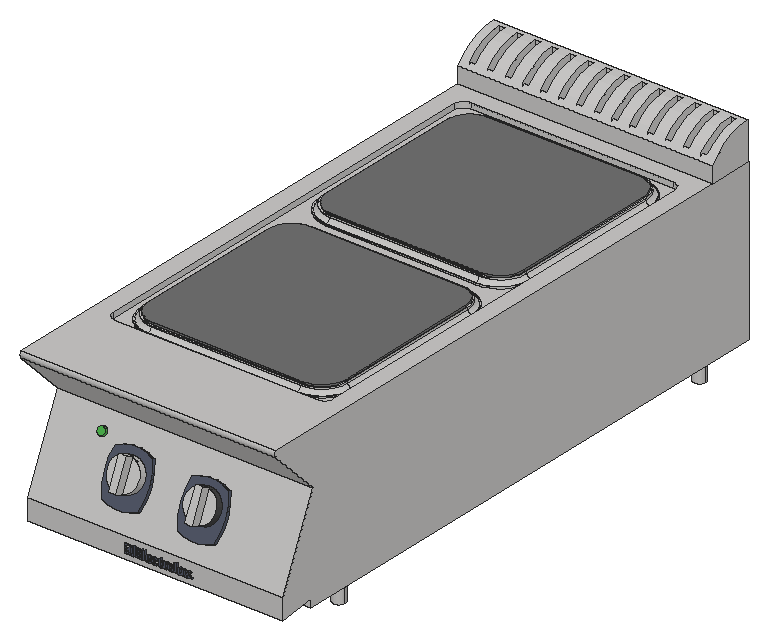
Revit family "QF_ELECTROLUXPROFESSIONAL_391165_E9ECED2Q0N", category Specialty Equipment, Revit 2018
Family settings
  Round Connector Dimension = Use Diameter
  Part Type = Normal
  Work Plane-Based = No
  Always vertical = Yes
  Cut with Voids When Loaded = No
  Shared = No
  Room Calculation Point = No
Parameters
  Width = 400 mm  # constant formula
  Weight in Pounds = 35  # constant formula
  Watts = 8000 VA  # 8000 W
  Volts = 230 V  # constant formula
  URL Cutsheet = "www.electrolux.com/foodservice"
  URL = "www.electrolux.com/foodservice"
  Type Mark [instance] = ""
  Status [instance] = ""
  Specification by User [instance] = ""
  Specification by Manufacturer = ""
  Show Logo [instance] = yes
  Show Clearance [instance] = yes
  Serial Number = ""
  Seismic Rating = ""
  SMACNA No = ""
  Revision Code [instance] = ""
  Phase = 3  # constant formula
  Omniclass Number and Title = ""
  Number of Poles [instance] = 1
  NAFEM Spec ID Number = ""
  Model = "391165"
  Min Ckt Ampacity = 0 A
  Max Overcurrent Protection = 0 A
  Masterspec = ""
  Manufacturer = "ELECTROLUX"
  Item Number [instance] = ""
  Installed By [instance] = ""
  Identify Quantity as Lot [instance] = yes
  Height = 333 mm  # constant formula
  HP = "10.7 HP"
  Furnished By [instance] = ""
  Foodservice Equipment Identifier [instance] = yes
  FL Amps = if(Phase = 3, Watts / (Volts * 1.73), Watts / Volts)  # 20.1056 A
  Electrical Remarks [instance] = "400 V/3N ph/50/60 Hz"  # constant formula
  Electric Connection Type [instance] = ""
  Elec Conn RI Height [instance] = 0 mm
  Elec Conn Connection Height [instance] = 0 mm
  Direct Waste Size = 0"
  Description = "900XP 2 ELECTRIC HOT BOILING TOP PLATES 4kW -230V"
  Depth = 930 mm  # constant formula
  Cycle = if([60 Hertz Option], 60 Hz, 50 Hz)  # 60 Hz
  Conn Plug = ""
  Conn Conduit = yes
  CSI MasterFormat = ""
  CSI Master Format = ""
  Base Height [instance] = 24 mm  # constant formula
  Apparent Power = if(Phase = 3, Volts * FL Amps * 1.73, Volts * FL Amps)  # 8000 VA
  60 Hertz Option = not([50 Hertz Option])  # yes
  50 Hertz Option = no
Reference planes
  plane 1 "BACK": y = 0
  plane 2: z = 0
  plane 3 "LEFT": x = 0
  plane 4 "RIGHT": x = 400
  plane 5 "FRONT": y = -930
  plane 6 "TOP": z = 333
  plane 7 "Center Y": x = 200
  plane 8 "Center X": y = -465
  plane 9 "BASE": z = 24
  plane 10 "TOP A": z = 275
  plane 11: y = -790
  plane 12: y = -915
  plane 13: y = -82
  plane 14: y = -609
  plane 15: y = -583
Forms (mm)
  Extrusion 1, solid, material "QF_Finishes_Stainless Steel"
    sketch origin (0, 0, 0) x (0, 1, 0) y (0, 0, 1)
      loop
        line (0, 275) -> (-928.041, 275)
        arc (-928.041, 275) -> (-929.999, 270.526) -> (-928.201, 265.985) r 6.35
        line (-928.201, 265.985) -> (-856.039, 191.809) -> (-915, 63.041) -> (-915, 30.789) -> (-859.023, 36.7) -> (-859.023, 24) -> (0, 24) -> (0, 275)
    from 0 to 400
  Extrusion 2, void
    sketch origin (0, -198.623, 273.238) x (-1, 0, 0) y (0, -1, 0)
      loop
        arc (-42.5, -101.089) -> (-31.893, -96.696) -> (-27.5, -86.089) r 15
        line (-27.5, -86.089) -> (-27.5, 583.262)
        arc (-27.5, 583.262) -> (-31.893, 593.868) -> (-42.5, 598.262) r 15
        line (-42.5, 598.262) -> (-359.751, 598.262)
        arc (-359.751, 598.262) -> (-370.358, 593.868) -> (-374.751, 583.262) r 15
        line (-374.751, 583.262) -> (-374.751, -86.089)
        arc (-374.751, -86.089) -> (-370.358, -96.696) -> (-359.751, -101.089) r 15
        line (-359.751, -101.089) -> (-42.5, -101.089)
    from 1.763 to -6.35
  Extrusion 3, solid, material "QF_Finishes_Stainless Steel"
    sketch origin (0, -198.623, 0) x (1, 0, 0) y (0, 1, 0)
      loop
        circle (11.112, 116.623) r 9.525
      loop
        circle (388.887, 116.623) r 9.525
      loop
        circle (11.112, -591.377) r 9.525
      loop
        circle (388.888, -591.377) r 9.525
    from 0 to 24
  Extrusion 4, solid, material "QF_Clearances", visible <- "Show Clearance", detail levels coarse
    sketch origin (0, -198.623, 0) x (1, 0, 0) y (0, 1, 0)
      loop
        line (0, -731.377) -> (0, 198.623) -> (400, 198.623) -> (400, -731.377) -> (500.019, -731.377) -> (500.019, 298.642) -> (-100.019, 298.642) -> (-100.019, -731.377) -> (0, -731.377)
    from 0 to 333
  Extrusion 5, solid, material "QF_Finishes_Stainless Steel"
    sketch origin (0, 0, 0) x (0, 1, 0) y (0, 0, 1)
      loop
        line (0, 275) -> (0, 333.762)
        arc (0, 333.762) -> (-38.885, 325.372) -> (-69.85, 300.4) r 86.116
        line (-69.85, 300.4) -> (-69.85, 275) -> (0, 275)
    from 0 to 400
  Extrusion 6, void
    sketch origin (0, 0, 273.237) x (-1, 0, 0) y (0, -1, 0)
      loop
        line (-13.453, 6.761) -> (-13.453, 63.911) -> (-22.749, 63.911) -> (-22.749, 6.761) -> (-13.453, 6.761)
    from 25.4 to 63.5
  Extrusion 7, void
    sketch origin (400.05, 0, 273.237) x (1, 0, 0) y (0, 1, 0)
      loop
        line (-13.503, -6.761) -> (-22.799, -6.761) -> (-22.799, -63.911) -> (-13.503, -63.911) -> (-13.503, -6.761)
    from 25.4 to 63.5
  Extrusion 8, void
    sketch origin (27.988, 0, 273.237) x (-1, 0, 0) y (0, -1, 0)
      loop
        line (-13.453, 6.761) -> (-13.453, 63.911) -> (-22.749, 63.911) -> (-22.749, 6.761) -> (-13.453, 6.761)
    from 25.4 to 63.5
  Extrusion 9, void
    sketch origin (55.977, 0, 273.237) x (-1, 0, 0) y (0, -1, 0)
      loop
        line (-13.453, 6.761) -> (-13.453, 63.911) -> (-22.749, 63.911) -> (-22.749, 6.761) -> (-13.453, 6.761)
    from 25.4 to 63.5
  Extrusion 10, void
    sketch origin (83.965, 0, 273.237) x (-1, 0, 0) y (0, -1, 0)
      loop
        line (-13.428, 6.761) -> (-13.428, 63.911) -> (-22.724, 63.911) -> (-22.724, 6.761) -> (-13.428, 6.761)
    from 25.4 to 63.5
  Extrusion 11, void
    sketch origin (111.953, 0, 273.237) x (-1, 0, 0) y (0, -1, 0)
      loop
        line (-13.428, 6.761) -> (-13.428, 63.911) -> (-22.724, 63.911) -> (-22.724, 6.761) -> (-13.428, 6.761)
    from 25.4 to 63.5
  Extrusion 12, void
    sketch origin (139.942, 0, 273.237) x (-1, 0, 0) y (0, -1, 0)
      loop
        line (-13.428, 6.761) -> (-13.428, 63.911) -> (-22.724, 63.911) -> (-22.724, 6.761) -> (-13.428, 6.761)
    from 25.4 to 63.5
  Extrusion 13, void
    sketch origin (167.93, 0, 273.237) x (-1, 0, 0) y (0, -1, 0)
      loop
        line (-13.428, 6.761) -> (-13.428, 63.911) -> (-22.724, 63.911) -> (-22.724, 6.761) -> (-13.428, 6.761)
    from 25.4 to 63.5
  Extrusion 14, void
    sketch origin (195.918, 0, 273.237) x (-1, 0, 0) y (0, -1, 0)
      loop
        line (-13.428, 6.761) -> (-13.428, 63.911) -> (-22.724, 63.911) -> (-22.724, 6.761) -> (-13.428, 6.761)
    from 25.4 to 63.5
  Extrusion 15, void
    sketch origin (223.907, 0, 273.237) x (-1, 0, 0) y (0, -1, 0)
      loop
        line (-13.428, 6.761) -> (-13.428, 63.911) -> (-22.724, 63.911) -> (-22.724, 6.761) -> (-13.428, 6.761)
    from 25.4 to 63.5
  Extrusion 16, void
    sketch origin (251.895, 0, 273.237) x (-1, 0, 0) y (0, -1, 0)
      loop
        line (-13.428, 6.761) -> (-13.428, 63.911) -> (-22.724, 63.911) -> (-22.724, 6.761) -> (-13.428, 6.761)
    from 25.4 to 63.5
  Extrusion 17, void
    sketch origin (279.884, 0, 273.237) x (-1, 0, 0) y (0, -1, 0)
      loop
        line (-13.403, 6.761) -> (-13.403, 63.911) -> (-22.699, 63.911) -> (-22.699, 6.761) -> (-13.403, 6.761)
    from 25.4 to 63.5
  Extrusion 18, void
    sketch origin (307.872, 0, 273.237) x (-1, 0, 0) y (0, -1, 0)
      loop
        line (-13.403, 6.761) -> (-13.403, 63.911) -> (-22.699, 63.911) -> (-22.699, 6.761) -> (-13.403, 6.761)
    from 25.4 to 63.5
  Extrusion 19, void
    sketch origin (335.86, 0, 273.237) x (-1, 0, 0) y (0, -1, 0)
      loop
        line (-13.403, 6.761) -> (-13.403, 63.911) -> (-22.699, 63.911) -> (-22.699, 6.761) -> (-13.403, 6.761)
    from 25.4 to 63.5
  Extrusion 20, solid, material "QF_Finishes_Stainless Steel"
    sketch origin (0, -198.623, 266.888) x (-1, 0, 0) y (0, -1, 0)
      loop
        arc (-86.725, 266.377) -> (-58.441, 278.092) -> (-46.725, 306.377) r 40
        line (-46.725, 306.377) -> (-46.725, 541.377)
        arc (-46.725, 541.377) -> (-58.441, 569.661) -> (-86.725, 581.377) r 40
        line (-86.725, 581.377) -> (-321.725, 581.377)
        arc (-321.725, 581.377) -> (-350.009, 569.661) -> (-361.725, 541.377) r 40
        line (-361.725, 541.377) -> (-361.725, 306.377)
        arc (-361.725, 306.377) -> (-350.009, 278.092) -> (-321.725, 266.377) r 40
        line (-321.725, 266.377) -> (-86.725, 266.377)
      loop
        line (-86.725, 230.796) -> (-321.725, 230.796)
        arc (-321.725, 230.796) -> (-350.009, 219.08) -> (-361.725, 190.796) r 40
        line (-361.725, 190.796) -> (-361.725, -44.204)
        arc (-361.725, -44.204) -> (-350.009, -72.488) -> (-321.725, -84.204) r 40
        line (-321.725, -84.204) -> (-86.725, -84.204)
        arc (-86.725, -84.204) -> (-58.441, -72.488) -> (-46.725, -44.204) r 40
        line (-46.725, -44.204) -> (-46.725, 190.796)
        arc (-46.725, 190.796) -> (-58.441, 219.08) -> (-86.725, 230.796) r 40
    from 0 to 10
  Sweep 21, solid, material "QF_Finishes_Stainless Steel"
    path origin (0, -198.623, 276.888) x (-1, 0, 0) y (0, -1, 0)
      loop
        line (-46.725, 306.377) -> (-46.725, 541.377)
        arc (-46.725, 541.377) -> (-58.441, 569.661) -> (-86.725, 581.377) r 40
        line (-86.725, 581.377) -> (-321.725, 581.377)
        arc (-321.725, 581.377) -> (-350.009, 569.661) -> (-361.725, 541.377) r 40
        line (-361.725, 541.377) -> (-361.725, 306.377)
        arc (-361.725, 306.377) -> (-350.009, 278.092) -> (-321.725, 266.377) r 40
        line (-321.725, 266.377) -> (-86.725, 266.377)
        arc (-86.725, 266.377) -> (-58.441, 278.092) -> (-46.725, 306.377) r 40
    profile origin (46.725, -622.5, 276.888) x (1, 0, 0) y (0, 0, 1)
      loop
        arc (0, -1.759) -> (-2.638, -5.472) -> (-6.35, -8.109) r 13.651
        line (-6.35, -8.109) -> (-8.064, -8.109) -> (-8.064, -10) -> (0, -10) -> (0, -1.759)
  Sweep 22, solid, material "QF_Finishes_Stainless Steel"
    path origin (0, 151.957, 276.888) x (-1, 0, 0) y (0, -1, 0)
      loop
        line (-46.725, 306.377) -> (-46.725, 541.377)
        arc (-46.725, 541.377) -> (-58.441, 569.661) -> (-86.725, 581.377) r 40
        line (-86.725, 581.377) -> (-321.725, 581.377)
        arc (-321.725, 581.377) -> (-350.009, 569.661) -> (-361.725, 541.377) r 40
        line (-361.725, 541.377) -> (-361.725, 306.377)
        arc (-361.725, 306.377) -> (-350.009, 278.092) -> (-321.725, 266.377) r 40
        line (-321.725, 266.377) -> (-86.725, 266.377)
        arc (-86.725, 266.377) -> (-58.441, 278.092) -> (-46.725, 306.377) r 40
    profile origin (46.725, -271.919, 276.888) x (1, 0, 0) y (0, 0, 1)
      loop
        arc (0, -1.759) -> (-2.638, -5.472) -> (-6.35, -8.109) r 13.651
        line (-6.35, -8.109) -> (-8.064, -8.109) -> (-8.064, -10) -> (0, -10) -> (0, -1.759)
  Extrusion 23, solid, material "QF_Finishes_Rubber Black"
    sketch origin (0, -198.623, 276.888) x (-1, 0, 0) y (0, -1, 0)
      loop
        arc (-49.725, 190.796) -> (-60.562, 216.959) -> (-86.725, 227.796) r 37
        line (-86.725, 227.796) -> (-321.725, 227.796)
        arc (-321.725, 227.796) -> (-347.888, 216.959) -> (-358.725, 190.796) r 37
        line (-358.725, 190.796) -> (-358.725, -44.204)
        arc (-358.725, -44.204) -> (-347.888, -70.367) -> (-321.725, -81.204) r 37
        line (-321.725, -81.204) -> (-86.725, -81.204)
        arc (-86.725, -81.204) -> (-60.562, -70.367) -> (-49.725, -44.204) r 37
        line (-49.725, -44.204) -> (-49.725, 190.796)
      loop
        arc (-86.725, 269.377) -> (-60.562, 280.214) -> (-49.725, 306.377) r 37
        line (-49.725, 306.377) -> (-49.725, 541.377)
        arc (-49.725, 541.377) -> (-60.562, 567.54) -> (-86.725, 578.377) r 37
        line (-86.725, 578.377) -> (-321.725, 578.377)
        arc (-321.725, 578.377) -> (-347.888, 567.54) -> (-358.725, 541.377) r 37
        line (-358.725, 541.377) -> (-358.725, 306.377)
        arc (-358.725, 306.377) -> (-347.888, 280.214) -> (-321.725, 269.377) r 37
        line (-321.725, 269.377) -> (-86.725, 269.377)
    from 0 to 2
  Extrusion 24, solid, material "QF_Finishes_Green"
    sketch origin (0, -915, 63.041) x (0, 0.416318, 0.909219) y (-1, 0, 0)
      loop
        circle (111.946, -80.648) r 6.35
    from 0 to 3.175
  Extrusion 25, solid, material "QF_Finishes_Navy Blue", visible <- "Show Logo"
    sketch origin (0, -915, 31.09) x (0, 0, 1) y (-1, 0, 0)
      loop
        line (22.074, -162.506) -> (9.707, -162.506)
        arc (9.707, -162.506) -> (15.891, -167.078) -> (22.074, -162.506) r 6.467
      loop
        arc (22.074, -161.877) -> (20.905, -156.734) -> (16.249, -154.256) r 6.338
        line (16.249, -154.256) -> (16.249, -156.302)
        arc (16.249, -156.302) -> (17.733, -159.957) -> (21.178, -161.877) r 5.941
        line (21.178, -161.877) -> (22.074, -161.877)
      loop
        arc (10.603, -161.877) -> (14.048, -159.957) -> (15.532, -156.302) r 5.941
        line (15.532, -156.302) -> (15.532, -154.256)
        arc (15.532, -154.256) -> (10.838, -156.73) -> (9.548, -161.877) r 6.504
        line (9.548, -161.877) -> (10.603, -161.877)
      loop
        line (22.749, -153.787) -> (9.004, -153.787) -> (9.004, -167.55) -> (22.749, -167.55) -> (22.749, -153.787)
      loop
        arc (22.832, -170.518) -> (22.485, -170.16) -> (22.118, -170.498) r 0.358
        arc (22.118, -170.498) -> (21.804, -171.248) -> (21.087, -171.633) r 1.216
        line (21.087, -171.633) -> (10.674, -171.633)
        arc (10.674, -171.633) -> (10.014, -171.356) -> (9.618, -170.759) r 1.238
        arc (9.618, -170.759) -> (9.223, -170.508) -> (8.918, -170.862) r 0.358
        line (8.918, -170.862) -> (8.918, -180.741) -> (11.669, -180.741) -> (11.669, -179.844)
        arc (11.669, -179.844) -> (10.76, -179.264) -> (10.304, -178.287) r 1.928
        line (10.304, -178.287) -> (10.304, -175.788)
        arc (10.304, -175.788) -> (10.58, -175.059) -> (11.268, -174.695) r 1.101
        line (11.268, -174.695) -> (15.355, -174.695) -> (15.355, -178.369)
        arc (15.355, -178.369) -> (15.002, -178.866) -> (14.437, -179.094) r 1.083
        arc (14.437, -179.094) -> (14.173, -179.399) -> (14.465, -179.677) r 0.292
        line (14.465, -179.677) -> (17.428, -179.677)
        arc (17.428, -179.677) -> (17.73, -179.404) -> (17.492, -179.074) r 0.305
        arc (17.492, -179.074) -> (17.001, -178.826) -> (16.696, -178.369) r 1.083
        line (16.696, -178.369) -> (16.696, -174.695) -> (21.373, -174.695) -> (21.373, -178.443)
        arc (21.373, -178.443) -> (21.159, -179.198) -> (20.553, -179.696) r 1.314
        arc (20.553, -179.696) -> (20.334, -180.1) -> (20.688, -180.393) r 0.361
        line (20.688, -180.393) -> (22.832, -180.393) -> (22.832, -170.518)
      loop
        arc (22.115, -181.173) -> (21.735, -182.092) -> (20.816, -182.472) r 1.299
        line (20.816, -182.472) -> (11.237, -182.472)
        arc (11.237, -182.472) -> (10.399, -182.094) -> (10.128, -181.216) r 1.118
        line (10.128, -181.216) -> (8.918, -181.216) -> (8.918, -186.566) -> (10.106, -186.566)
        arc (10.106, -186.566) -> (10.378, -185.649) -> (11.248, -185.253) r 1.153
        line (11.248, -185.253) -> (23.32, -185.253) -> (22.115, -181.173)
      loop
        line (13.883, -189.202) -> (13.883, -195.65) -> (14.682, -195.65)
        arc (14.682, -195.65) -> (17.262, -194.665) -> (18.531, -192.212) r 3.874
        line (18.531, -192.212) -> (18.531, -190.451)
        arc (18.531, -190.451) -> (17.344, -187.586) -> (14.48, -186.4) r 4.051
        line (14.48, -186.4) -> (12.472, -186.4)
        arc (12.472, -186.4) -> (9.653, -187.885) -> (8.602, -190.892) r 4.352
        arc (8.602, -190.892) -> (8.966, -193.355) -> (10.343, -195.429) r 5.713
        line (10.343, -195.429) -> (11.292, -195.429)
        arc (11.292, -195.429) -> (10.56, -193.86) -> (10.343, -192.142) r 5.579
        arc (10.343, -192.142) -> (11.137, -190.179) -> (13.016, -189.202) r 3.057
        line (13.016, -189.202) -> (13.883, -189.202)
      loop
        line (15.142, -189.202) -> (15.142, -192.784)
        arc (15.142, -192.784) -> (16.599, -192.832) -> (17.482, -191.672) r 1.59
        line (17.482, -191.672) -> (17.482, -190.842)
        arc (17.482, -190.842) -> (16.617, -189.587) -> (15.142, -189.202) r 2.184
      loop
        arc (17.933, -205.067) -> (18.422, -203.393) -> (18.579, -201.656) r 9.023
        line (18.579, -201.656) -> (18.579, -200.294)
        arc (18.579, -200.294) -> (17.42, -197.494) -> (14.62, -196.335) r 3.959
        line (14.62, -196.335) -> (12.02, -196.335)
        arc (12.02, -196.335) -> (9.738, -197.627) -> (8.621, -200) r 4.331
        line (8.621, -200) -> (8.621, -202.135)
        arc (8.621, -202.135) -> (9.129, -203.685) -> (10.051, -205.031) r 5.772
        arc (10.051, -205.031) -> (10.812, -205.082) -> (10.899, -204.323) r 0.553
        arc (10.899, -204.323) -> (10.511, -203.589) -> (10.377, -202.77) r 2.573
        line (10.377, -202.77) -> (10.377, -201.255)
        arc (10.377, -201.255) -> (11.383, -199.614) -> (13.198, -198.971) r 2.884
        line (13.198, -198.971) -> (14.477, -198.971)
        arc (14.477, -198.971) -> (16.298, -199.531) -> (17.224, -201.196) r 2.554
        line (17.224, -201.196) -> (17.224, -202.249)
        arc (17.224, -202.249) -> (16.893, -203.177) -> (16.236, -203.912) r 2.564
        arc (16.236, -203.912) -> (16.014, -204.629) -> (16.623, -205.067) r 0.643
        line (16.623, -205.067) -> (17.933, -205.067)
      loop
        line (16.915, -205.337) -> (16.915, -206.838) -> (10.867, -206.838)
        arc (10.867, -206.838) -> (9.279, -207.496) -> (8.621, -209.084) r 2.246
        line (8.621, -209.084) -> (8.621, -210.668)
        arc (8.621, -210.668) -> (8.935, -211.533) -> (9.435, -212.304) r 4.06
        arc (9.435, -212.304) -> (10.168, -212.437) -> (10.419, -211.736) r 0.576
        arc (10.419, -211.736) -> (10.313, -211.211) -> (10.377, -210.678) r 1.69
        arc (10.377, -210.678) -> (10.919, -209.89) -> (11.825, -209.587) r 1.506
        line (11.825, -209.587) -> (16.963, -209.587) -> (16.963, -211.984) -> (17.519, -212.541) -> (18.341, -212.541) -> (18.341, -209.681) -> (21.572, -209.681) -> (16.915, -205.337)
      loop
        line (8.838, -213.438) -> (8.838, -218.825) -> (9.948, -218.825)
        arc (9.948, -218.825) -> (10.342, -217.874) -> (11.293, -217.48) r 1.345
        line (11.293, -217.48) -> (14.909, -217.48)
        arc (14.909, -217.48) -> (15.674, -218.072) -> (15.964, -218.994) r 1.615
        line (15.964, -218.994) -> (15.964, -220.55) -> (18.519, -221.235) -> (18.519, -219.852) -> (16.577, -217.293) -> (18.457, -217.293) -> (18.173, -214.587)
        arc (18.173, -214.587) -> (17.733, -214.057) -> (17.074, -214.258) r 0.621
        arc (17.074, -214.258) -> (16.674, -214.6) -> (16.18, -214.783) r 1.501
        line (16.18, -214.783) -> (11.293, -214.783)
        arc (11.293, -214.783) -> (10.342, -214.389) -> (9.948, -213.438) r 1.345
        line (9.948, -213.438) -> (8.838, -213.438)
      loop
        line (14.94, -220.772) -> (12.248, -220.772)
        arc (12.248, -220.772) -> (9.803, -222.08) -> (8.669, -224.611) r 4.288
        arc (8.669, -224.611) -> (8.605, -225.991) -> (8.669, -227.371) r 15.022
        arc (8.669, -227.371) -> (9.803, -229.902) -> (12.248, -231.209) r 4.288
        line (12.248, -231.209) -> (14.94, -231.209)
        arc (14.94, -231.209) -> (17.386, -229.902) -> (18.519, -227.371) r 4.288
        arc (18.519, -227.371) -> (18.583, -225.991) -> (18.519, -224.611) r 15.022
        arc (18.519, -224.611) -> (17.386, -222.08) -> (14.94, -220.772) r 4.288
      loop
        line (15.145, -223.886) -> (12.043, -223.886)
        arc (12.043, -223.886) -> (9.886, -226.043) -> (12.043, -228.2) r 2.157
        line (12.043, -228.2) -> (15.145, -228.2)
        arc (15.145, -228.2) -> (17.302, -226.043) -> (15.145, -223.886) r 2.157
      loop
        arc (22.126, -231.068) -> (21.755, -231.962) -> (20.861, -232.332) r 1.264
        line (20.861, -232.332) -> (10.997, -232.332)
        arc (10.997, -232.332) -> (10.127, -231.935) -> (9.855, -231.019) r 1.153
        line (9.855, -231.019) -> (8.918, -231.019) -> (8.918, -236.127) -> (9.846, -236.127)
        arc (9.846, -236.127) -> (10.205, -235.355) -> (10.997, -235.04) r 1.153
        line (10.997, -235.04) -> (23.32, -235.04) -> (22.126, -231.068)
      loop
        arc (17.246, -235.665) -> (17.047, -236.729) -> (16.078, -237.211) r 1.215
        line (16.078, -237.211) -> (11.058, -237.211)
        arc (11.058, -237.211) -> (9.443, -237.859) -> (8.722, -239.442) r 2.338
        line (8.722, -239.442) -> (8.722, -240.956)
        arc (8.722, -240.956) -> (8.897, -241.96) -> (9.399, -242.846) r 2.979
        line (9.399, -242.846) -> (8.918, -244.643) -> (8.918, -246.332) -> (18.343, -246.332) -> (18.049, -242.128) -> (17.263, -242.128)
        arc (17.263, -242.128) -> (16.907, -242.964) -> (16.155, -243.473) r 1.605
        line (16.155, -243.473) -> (11.052, -243.473)
        arc (11.052, -243.473) -> (10.632, -242.536) -> (10.559, -241.512) r 2.94
        arc (10.559, -241.512) -> (11.12, -240.411) -> (12.273, -239.968) r 1.724
        line (12.273, -239.968) -> (18.47, -239.968) -> (17.246, -235.665)
      loop
        line (18.274, -247.185) -> (16.602, -249.231) -> (13.428, -251.537) -> (9.972, -248.425)
        arc (9.972, -248.425) -> (9.735, -248.031) -> (9.757, -247.572) r 0.789
        line (9.757, -247.572) -> (8.918, -247.572) -> (8.918, -251.117) -> (9.744, -251.117)
        arc (9.744, -251.117) -> (10.086, -250.755) -> (10.576, -250.847) r 0.52
        line (10.576, -250.847) -> (12.376, -252.318) -> (10.258, -253.694)
        arc (10.258, -253.694) -> (9.857, -253.384) -> (9.77, -252.884) r 0.7
        line (9.77, -252.884) -> (8.918, -252.884) -> (8.918, -258.811) -> (9.805, -258.811)
        arc (9.805, -258.811) -> (9.872, -258.152) -> (10.266, -257.621) r 1.247
        line (10.266, -257.621) -> (14.466, -254.34) -> (16.913, -256.393) -> (18.274, -258.135) -> (18.274, -254.412) -> (16.789, -254.834) -> (15.268, -253.557) -> (16.968, -252.367) -> (18.274, -253.144) -> (18.274, -247.185)
    from 0 to 1.644
  Extrusion 26, solid, material "QF_Finishes_Stainless Steel"
    sketch origin (-24.783, -915.025, 68.652) x (0, 0.421077, 0.907025) y (-1, 0, 0)
      loop
        circle (68.826, -160.963) r 25.4
    from 0 to 12.7
  Extrusion 27, solid, material "QF_Finishes_Stainless Steel"
    sketch origin (-24.783, -926.544, 74) x (0, 0.421077, 0.907025) y (-1, 0, 0)
      loop
        arc (93.558, -166.749) -> (94.226, -160.963) -> (93.558, -155.177) r 25.4
        line (93.558, -155.177) -> (44.094, -155.177)
        arc (44.094, -155.177) -> (43.426, -160.963) -> (44.094, -166.749) r 25.4
        line (44.094, -166.749) -> (93.558, -166.749)
    from 0 to 12.7
  Extrusion 28, solid, material "QF_Finishes_Stainless Steel"
    sketch origin (417.5, -915.025, 66.777) x (0, 0.421077, 0.907025) y (-1, 0, 0)
      loop
        circle (68.826, 160.963) r 25.4
    from 0 to 12.7
  Extrusion 29, solid, material "QF_Finishes_Stainless Steel"
    sketch origin (417.5, -926.544, 72.125) x (0, 0.421077, 0.907025) y (-1, 0, 0)
      loop
        line (93.558, 166.749) -> (44.094, 166.749)
        arc (44.094, 166.749) -> (43.426, 160.963) -> (44.094, 155.177) r 25.4
        line (44.094, 155.177) -> (93.558, 155.177)
        arc (93.558, 155.177) -> (94.226, 160.963) -> (93.558, 166.749) r 25.4
    from 0 to 12.7
  Extrusion 30, solid, material "QF_Finishes_Stainless Steel"
    sketch origin (0, -300.223, 24) x (-1, 0, 0) y (0, 1, 0)
      loop
        circle (-249, -308.777) r 12.7
    from 0 to 12.7
  Extrusion 31, solid, material "QF_Finishes_Stainless Steel"
    sketch origin (0, -300.223, 24) x (-1, 0, 0) y (0, 1, 0)
      loop
        circle (-339, -282.777) r 12.7
    from 0 to 12.7
  Extrusion 32, solid, material "QF_Finishes_Navy Blue - Electrolux"
    sketch origin (0, -915, 63.041) x (0, 0.416318, 0.909219) y (-1, 0, 0)
      loop
        arc (103.364, -107.24) -> (68.487, -100.223) -> (33.619, -107.285) r 89.894
        arc (33.619, -107.285) -> (26.924, -135.815) -> (33.619, -164.346) r 64.14
        arc (33.619, -164.346) -> (68.487, -171.411) -> (103.364, -164.39) r 89.853
        arc (103.364, -164.39) -> (110.078, -135.815) -> (103.364, -107.24) r 64.16
      loop
        arc (100.864, -227.597) -> (65.987, -220.58) -> (31.119, -227.641) r 89.894
        arc (31.119, -227.641) -> (24.424, -256.172) -> (31.119, -284.703) r 64.14
        arc (31.119, -284.703) -> (65.987, -291.768) -> (100.864, -284.747) r 89.853
        arc (100.864, -284.747) -> (107.578, -256.172) -> (100.864, -227.597) r 64.16
    from 0 to 4
Cuts and joins
  Extrusion 2 cuts Extrusion 1
  Extrusion 6, Extrusion 7, Extrusion 8, Extrusion 9, Extrusion 10, Extrusion 11, Extrusion 12, Extrusion 13, Extrusion 14, Extrusion 15, Extrusion 16, Extrusion 17, Extrusion 18, Extrusion 19 cuts Extrusion 5
Lines and regions (mm)
  symbolic lines, style "QF_Clearances", visible <- "Show Clearance", detail levels coarse
    curve 1: line (-100.019, 100.019, 275) -> (-100.019, -930, 275)
    curve 2: line (500.019, 100.019, 275) -> (-100.019, 100.019, 275)
    curve 3: line (500.019, -930, 275) -> (500.019, 100.019, 275)
  symbolic lines
    curve 4: line (0, -930, 275) -> (0, -198.623, 275)
    curve 5: line (400, -198.623, 275) -> (400, -930, 275)
    curve 6: line (0, -268.473, 275) -> (0, -319.273, 275)
    curve 7: line (400, -930, 275) -> (0, -930, 275)
    curve 8: line (27.5, -781.885, 266.888) -> (27.5, -112.534, 266.888)
    curve 9: line (42.5, -97.534, 266.888) -> (359.751, -97.534, 266.887)
    curve 10: line (374.751, -112.534, 266.887) -> (374.751, -781.885, 266.887)
    curve 11: line (359.751, -796.885, 266.887) -> (42.5, -796.885, 266.888)
    curve 12: line (0, 0, 275) -> (400, 0, 275)
    curve 13: line (22.724, -6.761, 275) -> (22.724, -63.911, 275)
    curve 14: line (22.724, -63.911, 275) -> (13.428, -63.911, 275)
    curve 15: line (13.428, -63.911, 275) -> (13.428, -6.761, 275)
    curve 16: line (13.428, -6.761, 275) -> (22.724, -6.761, 275)
    curve 17: line (386.547, -6.761, 275) -> (386.547, -63.911, 275)
    curve 18: line (386.547, -63.911, 275) -> (377.251, -63.911, 275)
    curve 19: line (377.251, -63.911, 275) -> (377.251, -6.761, 275)
    curve 20: line (377.251, -6.761, 275) -> (386.547, -6.761, 275)
    curve 21: line (50.712, -6.761, 275) -> (50.712, -63.911, 275)
    curve 22: line (50.712, -63.911, 275) -> (41.416, -63.911, 275)
    curve 23: line (41.416, -63.911, 275) -> (41.416, -6.761, 275)
    curve 24: line (41.416, -6.761, 275) -> (50.712, -6.761, 275)
    curve 25: line (78.7, -6.761, 275) -> (78.7, -63.911, 275)
    curve 26: line (78.7, -63.911, 275) -> (69.405, -63.911, 275)
    curve 27: line (69.405, -63.911, 275) -> (69.405, -6.761, 275)
    curve 28: line (69.405, -6.761, 275) -> (78.7, -6.761, 275)
    curve 29: line (106.689, -6.761, 275) -> (106.689, -63.911, 275)
    curve 30: line (106.689, -63.911, 275) -> (97.393, -63.911, 275)
    curve 31: line (97.393, -63.911, 275) -> (97.393, -6.761, 275)
    curve 32: line (97.393, -6.761, 275) -> (106.689, -6.761, 275)
    curve 33: line (134.677, -6.761, 275) -> (134.677, -63.911, 275)
    curve 34: line (134.677, -63.911, 275) -> (125.381, -63.911, 275)
    curve 35: line (125.381, -63.911, 275) -> (125.381, -6.761, 275)
    curve 36: line (125.381, -6.761, 275) -> (134.677, -6.761, 275)
    curve 37: line (162.665, -6.761, 275) -> (162.665, -63.911, 275)
    curve 38: line (162.665, -63.911, 275) -> (153.37, -63.911, 275)
    curve 39: line (153.37, -63.911, 275) -> (153.37, -6.761, 275)
    curve 40: line (153.37, -6.761, 275) -> (162.665, -6.761, 275)
    curve 41: line (190.654, -6.761, 275) -> (190.654, -63.911, 275)
    curve 42: line (190.654, -63.911, 275) -> (181.358, -63.911, 275)
    curve 43: line (181.358, -63.911, 275) -> (181.358, -6.761, 275)
    curve 44: line (181.358, -6.761, 275) -> (190.654, -6.761, 275)
    curve 45: line (218.642, -6.761, 275) -> (218.642, -63.911, 275)
    curve 46: line (218.642, -63.911, 275) -> (209.346, -63.911, 275)
    curve 47: line (209.346, -63.911, 275) -> (209.346, -6.761, 275)
    curve 48: line (209.346, -6.761, 275) -> (218.642, -6.761, 275)
    curve 49: line (246.605, -6.761, 275) -> (246.605, -63.911, 275)
    curve 50: line (246.605, -63.911, 275) -> (237.31, -63.911, 275)
    curve 51: line (237.31, -63.911, 275) -> (237.31, -6.761, 275)
    curve 52: line (237.31, -6.761, 275) -> (246.605, -6.761, 275)
    curve 53: line (274.594, -6.761, 275) -> (274.594, -63.911, 275)
    curve 54: line (274.594, -63.911, 275) -> (265.298, -63.911, 275)
    curve 55: line (265.298, -63.911, 275) -> (265.298, -6.761, 275)
    curve 56: line (265.298, -6.761, 275) -> (274.594, -6.761, 275)
    curve 57: line (302.582, -6.761, 275) -> (302.582, -63.911, 275)
    curve 58: line (302.582, -63.911, 275) -> (293.286, -63.911, 275)
    curve 59: line (293.286, -63.911, 275) -> (293.286, -6.761, 275)
    curve 60: line (293.286, -6.761, 275) -> (302.582, -6.761, 275)
    curve 61: line (330.57, -6.761, 275) -> (330.57, -63.911, 275)
    curve 62: line (330.57, -63.911, 275) -> (321.275, -63.911, 275)
    curve 63: line (321.275, -63.911, 275) -> (321.275, -6.761, 275)
    curve 64: line (321.275, -6.761, 275) -> (330.57, -6.761, 275)
    curve 65: line (358.559, -6.761, 275) -> (358.559, -63.911, 275)
    curve 66: line (358.559, -63.911, 275) -> (349.263, -63.911, 275)
    curve 67: line (349.263, -63.911, 275) -> (349.263, -6.761, 275)
    curve 68: line (349.263, -6.761, 275) -> (358.559, -6.761, 275)
    curve 69: line (400, -69.85, 275) -> (0, -69.85, 275)
    curve 70: arc (42.5, -97.534, 266.888) -> (31.893, -101.928, 266.888) -> (27.5, -112.534, 266.888) r 15
    curve 71: arc (374.751, -112.534, 266.887) -> (370.358, -101.928, 266.887) -> (359.751, -97.534, 266.887) r 15
    curve 72: arc (359.751, -796.885, 266.887) -> (370.358, -792.492, 266.887) -> (374.751, -781.885, 266.887) r 15
    curve 73: arc (27.5, -781.885, 266.888) -> (31.893, -792.492, 266.888) -> (42.5, -796.885, 266.888) r 15
    curve 74: arc (86.725, -117.419, 266.888) -> (60.562, -128.256, 266.888) -> (49.725, -154.419, 266.888) r 37
    curve 75: line (49.725, -154.419, 266.888) -> (49.725, -389.419, 266.888)
    curve 76: arc (49.725, -389.419, 266.888) -> (60.562, -415.582, 266.888) -> (86.725, -426.419, 266.888) r 37
    curve 77: line (86.725, -426.419, 266.888) -> (321.725, -426.419, 266.887)
    curve 78: arc (321.725, -426.419, 266.887) -> (347.888, -415.582, 266.887) -> (358.725, -389.419, 266.887) r 37
    curve 79: line (358.725, -389.419, 266.887) -> (358.725, -154.419, 266.887)
    curve 80: arc (358.725, -154.419, 266.887) -> (347.888, -128.256, 266.887) -> (321.725, -117.419, 266.887) r 37
    curve 81: line (321.725, -117.419, 266.887) -> (86.725, -117.419, 266.888)
    curve 82: arc (86.725, -114.419, 266.888) -> (58.441, -126.135, 266.888) -> (46.725, -154.419, 266.888) r 40
    curve 83: line (46.725, -154.419, 266.888) -> (46.725, -389.419, 266.888)
    curve 84: arc (46.725, -389.419, 266.888) -> (58.441, -417.704, 266.888) -> (86.725, -429.419, 266.888) r 40
    curve 85: line (86.725, -429.419, 266.888) -> (321.725, -429.419, 266.887)
    curve 86: arc (321.725, -429.419, 266.887) -> (350.009, -417.704, 266.887) -> (361.725, -389.419, 266.887) r 40
    curve 87: line (361.725, -389.419, 266.887) -> (361.725, -154.419, 266.887)
    curve 88: arc (361.725, -154.419, 266.887) -> (350.009, -126.135, 266.887) -> (321.725, -114.419, 266.887) r 40
    curve 89: line (321.725, -114.419, 266.887) -> (86.725, -114.419, 266.888)
    curve 90: arc (40.375, -154.419, 266.888) -> (53.951, -121.645, 266.888) -> (86.725, -108.069, 266.888) r 46.35
    curve 91: line (86.725, -108.069, 266.888) -> (321.725, -108.069, 266.887)
    curve 92: arc (321.725, -108.069, 266.887) -> (354.499, -121.645, 266.887) -> (368.075, -154.419, 266.887) r 46.35
    curve 93: line (368.075, -154.419, 266.887) -> (368.075, -389.419, 266.887)
    curve 94: arc (368.075, -389.419, 266.887) -> (354.499, -422.194, 266.887) -> (321.725, -435.769, 266.887) r 46.35
    curve 95: line (321.725, -435.769, 266.887) -> (86.725, -435.769, 266.888)
    curve 96: arc (86.725, -435.769, 266.888) -> (53.951, -422.194, 266.888) -> (40.375, -389.419, 266.888) r 46.35
    curve 97: line (40.375, -389.419, 266.888) -> (40.375, -154.419, 266.888)
    curve 98: arc (86.725, -106.355, 266.888) -> (52.738, -120.433, 266.888) -> (38.661, -154.419, 266.888) r 48.064
    curve 99: line (38.661, -154.419, 266.888) -> (38.661, -389.419, 266.888)
    curve 100: arc (38.661, -389.419, 266.888) -> (52.738, -423.406, 266.888) -> (86.725, -437.484, 266.888) r 48.064
    curve 101: line (86.725, -437.484, 266.888) -> (321.725, -437.484, 266.887)
    curve 102: arc (321.725, -437.484, 266.887) -> (355.712, -423.406, 266.887) -> (369.789, -389.419, 266.887) r 48.064
    curve 103: line (369.789, -389.419, 266.887) -> (369.789, -154.419, 266.887)
    curve 104: arc (369.789, -154.419, 266.887) -> (355.712, -120.433, 266.887) -> (321.725, -106.355, 266.887) r 48.064
    curve 105: line (321.725, -106.355, 266.887) -> (86.725, -106.355, 266.888)
    curve 106: arc (86.725, -456.936, 266.888) -> (52.738, -471.013, 266.888) -> (38.661, -505, 266.888) r 48.064
    curve 107: line (38.661, -505, 266.888) -> (38.661, -740, 266.888)
    curve 108: arc (38.661, -740, 266.888) -> (52.738, -773.987, 266.888) -> (86.725, -788.064, 266.888) r 48.064
    curve 109: line (86.725, -788.064, 266.888) -> (321.725, -788.064, 266.887)
    curve 110: arc (321.725, -788.064, 266.887) -> (355.712, -773.987, 266.887) -> (369.789, -740, 266.887) r 48.064
    curve 111: line (369.789, -740, 266.887) -> (369.789, -505, 266.887)
    curve 112: arc (369.789, -505, 266.887) -> (355.712, -471.013, 266.887) -> (321.725, -456.936, 266.887) r 48.064
    curve 113: line (321.725, -456.936, 266.887) -> (86.725, -456.936, 266.888)
    curve 114: arc (40.375, -505, 266.888) -> (53.951, -472.226, 266.888) -> (86.725, -458.65, 266.888) r 46.35
    curve 115: line (86.725, -458.65, 266.888) -> (321.725, -458.65, 266.887)
    curve 116: arc (321.725, -458.65, 266.887) -> (354.499, -472.226, 266.887) -> (368.075, -505, 266.887) r 46.35
    curve 117: line (368.075, -505, 266.887) -> (368.075, -740, 266.887)
    curve 118: arc (368.075, -740, 266.887) -> (354.499, -772.774, 266.887) -> (321.725, -786.35, 266.887) r 46.35
    curve 119: line (321.725, -786.35, 266.887) -> (86.725, -786.35, 266.888)
    curve 120: arc (86.725, -786.35, 266.888) -> (53.951, -772.774, 266.888) -> (40.375, -740, 266.888) r 46.35
    curve 121: line (40.375, -740, 266.888) -> (40.375, -505, 266.888)
    curve 122: arc (86.725, -465, 266.888) -> (58.441, -476.716, 266.888) -> (46.725, -505, 266.888) r 40
    curve 123: line (46.725, -505, 266.888) -> (46.725, -740, 266.888)
    curve 124: arc (46.725, -740, 266.888) -> (58.441, -768.284, 266.888) -> (86.725, -780, 266.888) r 40
    curve 125: line (86.725, -780, 266.888) -> (321.725, -780, 266.887)
    curve 126: arc (321.725, -780, 266.887) -> (350.009, -768.284, 266.887) -> (361.725, -740, 266.887) r 40
    curve 127: line (361.725, -740, 266.887) -> (361.725, -505, 266.887)
    curve 128: arc (361.725, -505, 266.887) -> (350.009, -476.716, 266.887) -> (321.725, -465, 266.887) r 40
    curve 129: line (321.725, -465, 266.887) -> (86.725, -465, 266.888)
    curve 130: arc (86.725, -468, 266.888) -> (60.562, -478.837, 266.888) -> (49.725, -505, 266.888) r 37
    curve 131: line (49.725, -505, 266.888) -> (49.725, -740, 266.888)
    curve 132: arc (49.725, -740, 266.888) -> (60.562, -766.163, 266.888) -> (86.725, -777, 266.888) r 37
    curve 133: line (86.725, -777, 266.888) -> (321.725, -777, 266.887)
    curve 134: arc (321.725, -777, 266.887) -> (347.888, -766.163, 266.887) -> (358.725, -740, 266.887) r 37
    curve 135: line (358.725, -740, 266.887) -> (358.725, -505, 266.887)
    curve 136: arc (358.725, -505, 266.887) -> (347.888, -478.837, 266.887) -> (321.725, -468, 266.887) r 37
    curve 137: line (321.725, -468, 266.887) -> (86.725, -468, 266.888)
    curve 138: line (0, -930, 266.888) -> (0, 0, 266.888)
    curve 139: line (400, 0, 266.887) -> (400, -930, 266.887)
Dimensions and locks
  equal spacing: plane 3 "LEFT", plane 7 "Center Y", plane 4 "RIGHT"
  "Width": plane 3 "LEFT" to plane 4 "RIGHT"
  equal spacing: plane 5 "FRONT", plane 8 "Center X", plane 1 "BACK"
  "Depth": plane 5 "FRONT" to plane 1 "BACK"
  "Height": plane 6 "TOP" to level
  "Base Height": plane 9 "BASE" to level
  plane 1 "BACK" to plane 5 "FRONT" = 930 mm
  plane 10 "TOP A" to plane 9 "BASE" = 251 mm  (x2)
  plane 6 "TOP" to plane 2 = 333 mm
  Extrusion 3 sketch curve to plane 1 "BACK" = 82 mm
  plane 12 to plane 11 to plane 13 to plane 1 "BACK" = 125 mm, 708 mm, 82 mm
  Extrusion 3 sketch curve to plane 1 "BACK" = 790 mm
  plane 5 "FRONT" to plane 1 "BACK" = 930 mm
  plane 9 "BASE" to plane 2 = 24 mm
  plane 15 to plane 1 "BACK" = 583 mm
  plane 14 to plane 1 "BACK" = 609 mm
  plane 6 "TOP" to plane 10 "TOP A" = 58 mm
  aligned and locked: level to plane 2
Automatic sketch dimensions
  Extrusion 2 sketch curve to plane 4 "RIGHT" = 25.249 mm
  Extrusion 2 sketch curve to Extrusion 2 sketch curve = 15 mm  (x3)
  plane 3 "LEFT" to Extrusion 2 sketch curve = 42.5 mm  (x2)
  Extrusion 2 sketch curve to plane 5 "FRONT" = 148.115 mm
  plane 5 "FRONT" to Extrusion 4 sketch curve = 0 mm  (x2)
  plane 1 "BACK" to Extrusion 4 sketch curve = 0 mm
  Extrusion 4 sketch curve to plane 3 "LEFT" = 0 mm
  Extrusion 4 sketch curve to plane 4 "RIGHT" = 0 mm
  Extrusion 4 sketch curve to plane 3 "LEFT" = 100.019 mm
  plane 4 "RIGHT" to Extrusion 4 sketch curve = 100.019 mm
  Extrusion 4 sketch curve to plane 1 "BACK" = 100.019 mm
  curve 10 to Extrusion 2 = 15 mm  (x2)
  curve 10 to Extrusion 2 = 0 mm
  curve 9 to Extrusion 2 = 0 mm
  curve 9 to Extrusion 2 = 15 mm  (x2)
  Extrusion 5 sketch curve to plane 10 "TOP A" = 0 mm
  Extrusion 5 sketch curve to plane 1 "BACK" = 0 mm
  plane 1 "BACK" to Extrusion 5 sketch curve = 1.769 mm
  plane 10 "TOP A" to Extrusion 5 sketch curve = 25.4 mm
  plane 1 "BACK" to Extrusion 5 sketch curve = 69.85 mm
  Extrusion 5 sketch curve to plane 10 "TOP A" = 27.335 mm
  plane 1 "BACK" to Extrusion 6 sketch curve = 6.761 mm
  plane 3 "LEFT" to Extrusion 6 sketch curve = 22.749 mm
  Extrusion 6 sketch curve to Extrusion 6 sketch curve = 9.296 mm
  Extrusion 6 sketch curve to Extrusion 6 sketch curve = 57.15 mm
  Extrusion 7 sketch curve to plane 1 "BACK" = 6.761 mm
  plane 4 "RIGHT" to Extrusion 7 sketch curve = 22.749 mm
  Extrusion 7 sketch curve to Extrusion 7 sketch curve = 9.296 mm
  Extrusion 7 sketch curve to Extrusion 7 sketch curve = 57.15 mm
  plane 1 "BACK" to Extrusion 8 sketch curve = 6.761 mm
  plane 3 "LEFT" to Extrusion 8 sketch curve = 50.737 mm
  Extrusion 8 sketch curve to Extrusion 8 sketch curve = 9.296 mm
  Extrusion 8 sketch curve to Extrusion 8 sketch curve = 57.15 mm
  plane 1 "BACK" to Extrusion 9 sketch curve = 6.761 mm
  plane 3 "LEFT" to Extrusion 9 sketch curve = 78.725 mm
  Extrusion 9 sketch curve to Extrusion 9 sketch curve = 9.296 mm
  Extrusion 9 sketch curve to Extrusion 9 sketch curve = 57.15 mm
  plane 1 "BACK" to Extrusion 10 sketch curve = 6.761 mm
  Extrusion 10 sketch curve to plane 7 "Center Y" = 93.311 mm
  Extrusion 10 sketch curve to Extrusion 10 sketch curve = 9.296 mm
  Extrusion 10 sketch curve to Extrusion 10 sketch curve = 57.15 mm
  plane 1 "BACK" to Extrusion 11 sketch curve = 6.761 mm
  Extrusion 11 sketch curve to plane 7 "Center Y" = 65.323 mm
  Extrusion 11 sketch curve to Extrusion 11 sketch curve = 9.296 mm
  Extrusion 11 sketch curve to Extrusion 11 sketch curve = 57.15 mm
  plane 1 "BACK" to Extrusion 12 sketch curve = 6.761 mm
  Extrusion 12 sketch curve to plane 7 "Center Y" = 37.335 mm
  Extrusion 12 sketch curve to Extrusion 12 sketch curve = 9.296 mm
  Extrusion 12 sketch curve to Extrusion 12 sketch curve = 57.15 mm
  Extrusion 13 sketch curve to plane 7 "Center Y" = 9.346 mm
  Extrusion 13 sketch curve to Extrusion 13 sketch curve = 9.296 mm
  plane 1 "BACK" to Extrusion 13 sketch curve = 6.761 mm
  Extrusion 13 sketch curve to Extrusion 13 sketch curve = 57.15 mm
  plane 1 "BACK" to Extrusion 14 sketch curve = 6.761 mm
  plane 7 "Center Y" to Extrusion 14 sketch curve = 18.642 mm
  Extrusion 14 sketch curve to Extrusion 14 sketch curve = 9.296 mm
  Extrusion 14 sketch curve to Extrusion 14 sketch curve = 57.15 mm
  plane 1 "BACK" to Extrusion 15 sketch curve = 6.761 mm
  plane 7 "Center Y" to Extrusion 15 sketch curve = 46.63 mm
  Extrusion 15 sketch curve to Extrusion 15 sketch curve = 9.296 mm
  Extrusion 15 sketch curve to Extrusion 15 sketch curve = 57.15 mm
  plane 1 "BACK" to Extrusion 16 sketch curve = 6.761 mm
  plane 7 "Center Y" to Extrusion 16 sketch curve = 74.619 mm
  Extrusion 16 sketch curve to Extrusion 16 sketch curve = 9.296 mm
  Extrusion 16 sketch curve to Extrusion 16 sketch curve = 57.15 mm
  plane 1 "BACK" to Extrusion 17 sketch curve = 6.761 mm
  Extrusion 17 sketch curve to plane 4 "RIGHT" = 97.418 mm
  Extrusion 17 sketch curve to Extrusion 17 sketch curve = 9.296 mm
  Extrusion 17 sketch curve to Extrusion 17 sketch curve = 57.15 mm
  plane 1 "BACK" to Extrusion 18 sketch curve = 6.761 mm
  Extrusion 18 sketch curve to plane 4 "RIGHT" = 69.43 mm
  Extrusion 18 sketch curve to Extrusion 18 sketch curve = 9.296 mm
  Extrusion 18 sketch curve to Extrusion 18 sketch curve = 57.15 mm
  plane 1 "BACK" to Extrusion 19 sketch curve = 6.761 mm
  Extrusion 19 sketch curve to plane 4 "RIGHT" = 41.441 mm
  Extrusion 19 sketch curve to Extrusion 19 sketch curve = 9.296 mm
  Extrusion 19 sketch curve to Extrusion 19 sketch curve = 57.15 mm
  Extrusion 20 sketch curve to Extrusion 2 = 13.026 mm  (x2)
  Extrusion 20 sketch curve to Extrusion 2 = 16.885 mm  (x2)
  Extrusion 20 sketch curve to Extrusion 2 = 53.026 mm  (x2)
  Extrusion 20 sketch curve to Extrusion 20 sketch curve = 40 mm  (x2)
  Extrusion 20 sketch curve to Extrusion 2 = 59.225 mm  (x3)
  Extrusion 20 sketch curve to Extrusion 20 sketch curve = 0 mm
  Extrusion 20 sketch curve to Extrusion 2 = 19.225 mm  (x2)
  Extrusion 20 sketch curve to Extrusion 20 sketch curve = 235 mm
  Extrusion 20 sketch curve to Extrusion 20 sketch curve = 35.581 mm
  Sweep 21 sketch curve to Extrusion 20 = 40 mm  (x2)
  Sweep 22 sketch curve to Extrusion 20 = 40 mm
  Sweep 22 sketch curve to Sweep 22 sketch curve = 40 mm
  profile plane to Sweep 21 sketch curve = 0 mm
  profile plane to Sweep 21 sketch curve = 6.35 mm
  Sweep 21 sketch curve to Sweep 21 sketch curve = 1.714 mm
  profile plane to Sweep 21 sketch curve = 4.181 mm
  profile plane to Sweep 21 sketch curve = 12.291 mm
  Sweep 21 sketch curve to profile plane = 1.759 mm
  Sweep 21 sketch curve to Sweep 21 sketch curve = 1.891 mm
  profile plane to Sweep 22 sketch curve = 0 mm
  profile plane to Sweep 22 sketch curve = 6.35 mm
  Sweep 22 sketch curve to Sweep 22 sketch curve = 1.714 mm
  profile plane to Sweep 22 sketch curve = 4.181 mm
  profile plane to Sweep 22 sketch curve = 12.291 mm
  Sweep 22 sketch curve to profile plane = 1.759 mm
  Sweep 22 sketch curve to Sweep 22 sketch curve = 1.891 mm
  Extrusion 23 sketch curve to Extrusion 20 = 40 mm  (x3)
  Extrusion 23 sketch curve to Extrusion 23 sketch curve = 0 mm
  plane 1 "BACK" to Extrusion 2 sketch curve = 112.534 mm
  plane 11 to Extrusion 3 sketch curve = 0 mm
  Extrusion 3 sketch curve to plane 13 = 0 mm
  plane 3 "LEFT" to Extrusion 3 sketch curve = 11.112 mm  (x2)
  Extrusion 3 sketch curve to plane 4 "RIGHT" = 11.113 mm  (x2)
  Extrusion 26 sketch curve to plane 7 "Center Y" = 63.82 mm
  Extrusion 27 sketch curve to Extrusion 27 sketch curve = 24.732 mm
  Extrusion 27 sketch curve to Extrusion 27 sketch curve = 0 mm
  plane 7 "Center Y" to Extrusion 28 sketch curve = 56.537 mm
  Extrusion 29 sketch curve to Extrusion 29 sketch curve = 24.732 mm
  Extrusion 29 sketch curve to Extrusion 29 sketch curve = 0 mm
  Extrusion 1 to Extrusion 24 sketch curve = 29.678 mm
  Extrusion 1 to Extrusion 24 sketch curve = 80.648 mm
  Extrusion 30 sketch curve to Extrusion 1 = 151 mm
  Extrusion 30 sketch curve to Extrusion 1 = 250.023 mm
  Extrusion 31 sketch curve to Extrusion 1 = 61 mm
  Extrusion 31 sketch curve to Extrusion 1 = 276.023 mm
  Extrusion 25 sketch curve to Extrusion 1 = 3.862 mm
  Extrusion 25 sketch curve to Extrusion 1 = 8.903 mm
  Extrusion 25 sketch curve to Extrusion 1 = 8.922 mm  (x2)
  Extrusion 25 sketch curve to Extrusion 25 sketch curve = 5.108 mm  (x2)
  Extrusion 25 sketch curve to Extrusion 25 sketch curve = 0 mm  (x27)
  Extrusion 25 sketch curve to Extrusion 1 = 9.024 mm
  Extrusion 25 sketch curve to Extrusion 25 sketch curve = 0.218 mm
  Extrusion 25 sketch curve to Extrusion 25 sketch curve = 0.195 mm
  Extrusion 25 sketch curve to Extrusion 25 sketch curve = 0.249 mm
  Extrusion 25 sketch curve to Extrusion 1 = 9.219 mm
  Extrusion 25 sketch curve to Extrusion 25 sketch curve = 0.087 mm
  Extrusion 25 sketch curve to Extrusion 25 sketch curve = 0.358 mm
  Extrusion 25 sketch curve to Extrusion 25 sketch curve = 0.481 mm
  Extrusion 25 sketch curve to Extrusion 25 sketch curve = 0.597 mm
  Extrusion 25 sketch curve to Extrusion 25 sketch curve = 0.544 mm
  Extrusion 25 sketch curve to Extrusion 25 sketch curve = 0.936 mm
  Extrusion 25 sketch curve to Extrusion 25 sketch curve = 0.594 mm
  Extrusion 25 sketch curve to Extrusion 25 sketch curve = 0.343 mm
  Extrusion 25 sketch curve to Extrusion 25 sketch curve = 0.159 mm
  Extrusion 25 sketch curve to Extrusion 25 sketch curve = 0.826 mm
  Extrusion 25 sketch curve to Extrusion 25 sketch curve = 0.839 mm
  Extrusion 25 sketch curve to Extrusion 25 sketch curve = 0.852 mm
  Extrusion 25 sketch curve to Extrusion 25 sketch curve = 0.887 mm
  Extrusion 25 sketch curve to Extrusion 25 sketch curve = 0.928 mm
  Extrusion 25 sketch curve to Extrusion 25 sketch curve = 0.938 mm
  Extrusion 25 sketch curve to Extrusion 25 sketch curve = 0.444 mm
  Extrusion 25 sketch curve to Extrusion 25 sketch curve = 1.11 mm  (x3)
  Extrusion 25 sketch curve to Extrusion 25 sketch curve = 0.215 mm
  Extrusion 25 sketch curve to Extrusion 25 sketch curve = 1.43 mm
  Extrusion 25 sketch curve to Extrusion 25 sketch curve = 1.188 mm
  Extrusion 25 sketch curve to Extrusion 25 sketch curve = 1.21 mm  (x2)
  Extrusion 25 sketch curve to Extrusion 25 sketch curve = 0.503 mm
  Extrusion 25 sketch curve to Extrusion 25 sketch curve = 0.488 mm
  Extrusion 25 sketch curve to Extrusion 25 sketch curve = 0.462 mm
  Extrusion 25 sketch curve to Extrusion 25 sketch curve = 1.386 mm
  Extrusion 25 sketch curve to Extrusion 25 sketch curve = 1.742 mm  (x2)
  Extrusion 25 sketch curve to Extrusion 25 sketch curve = 0.821 mm
  Extrusion 25 sketch curve to Extrusion 25 sketch curve = 0.497 mm
  Extrusion 25 sketch curve to Extrusion 25 sketch curve = 0.539 mm
  Extrusion 25 sketch curve to Extrusion 25 sketch curve = 0.199 mm
  Extrusion 25 sketch curve to Extrusion 25 sketch curve = 0.408 mm
  Extrusion 25 sketch curve to Extrusion 25 sketch curve = 0.743 mm
  Extrusion 25 sketch curve to Extrusion 25 sketch curve = 1.16 mm
  Extrusion 25 sketch curve to Extrusion 25 sketch curve = 0.329 mm
  Extrusion 25 sketch curve to Extrusion 25 sketch curve = 1.054 mm
  Extrusion 25 sketch curve to Extrusion 25 sketch curve = 1.056 mm
  Extrusion 25 sketch curve to Extrusion 25 sketch curve = 0.129 mm
  Extrusion 25 sketch curve to Extrusion 25 sketch curve = 0.489 mm
  Extrusion 25 sketch curve to Extrusion 25 sketch curve = 0.441 mm
  Extrusion 25 sketch curve to Extrusion 25 sketch curve = 1.151 mm
  Extrusion 25 sketch curve to Extrusion 25 sketch curve = 1.141 mm  (x2)
  Extrusion 25 sketch curve to Extrusion 25 sketch curve = 0.768 mm
  Extrusion 25 sketch curve to Extrusion 25 sketch curve = 1.653 mm
  Extrusion 25 sketch curve to Extrusion 25 sketch curve = 0.499 mm
  Extrusion 25 sketch curve to Extrusion 25 sketch curve = 0.964 mm
  Extrusion 25 sketch curve to Extrusion 25 sketch curve = 0.949 mm
  Extrusion 25 sketch curve to Extrusion 25 sketch curve = 1.345 mm  (x3)
  Extrusion 25 sketch curve to Extrusion 25 sketch curve = 1.101 mm
  Extrusion 25 sketch curve to Extrusion 25 sketch curve = 0.432 mm
  Extrusion 25 sketch curve to Extrusion 25 sketch curve = 1.142 mm
  Extrusion 25 sketch curve to Extrusion 25 sketch curve = 0.959 mm
  Extrusion 25 sketch curve to Extrusion 25 sketch curve = 0.176 mm
  Extrusion 25 sketch curve to Extrusion 25 sketch curve = 0.728 mm
  Extrusion 25 sketch curve to Extrusion 25 sketch curve = 3.375 mm  (x2)
  Extrusion 25 sketch curve to Extrusion 25 sketch curve = 0.541 mm
  Extrusion 25 sketch curve to Extrusion 25 sketch curve = 0.955 mm
  Extrusion 25 sketch curve to Extrusion 25 sketch curve = 1.251 mm
  Extrusion 25 sketch curve to Extrusion 25 sketch curve = 0.572 mm
  Extrusion 25 sketch curve to Extrusion 25 sketch curve = 1.92 mm
  Extrusion 25 sketch curve to Extrusion 25 sketch curve = 1.224 mm
  Extrusion 25 sketch curve to Extrusion 25 sketch curve = 0.745 mm
  Extrusion 25 sketch curve to Extrusion 25 sketch curve = 2.537 mm
  Extrusion 25 sketch curve to Extrusion 25 sketch curve = 0.896 mm  (x3)
  Extrusion 25 sketch curve to Extrusion 25 sketch curve = 0.036 mm
  Extrusion 25 sketch curve to Extrusion 25 sketch curve = 2.607 mm
  Extrusion 25 sketch curve to Extrusion 25 sketch curve = 0.066 mm
  Extrusion 25 sketch curve to Extrusion 25 sketch curve = 0.248 mm
  Extrusion 25 sketch curve to Extrusion 25 sketch curve = 0.449 mm
  Extrusion 25 sketch curve to Extrusion 25 sketch curve = 1.052 mm
  Extrusion 25 sketch curve to Extrusion 25 sketch curve = 1.863 mm
  Extrusion 25 sketch curve to Extrusion 25 sketch curve = 1.31 mm  (x2)
  Extrusion 25 sketch curve to Extrusion 25 sketch curve = 0.901 mm
  Extrusion 25 sketch curve to Extrusion 25 sketch curve = 1.107 mm
  Extrusion 25 sketch curve to Extrusion 25 sketch curve = 2.122 mm
  Extrusion 25 sketch curve to Extrusion 25 sketch curve = 2.101 mm
  Extrusion 25 sketch curve to Extrusion 25 sketch curve = 0.106 mm
  Extrusion 25 sketch curve to Extrusion 25 sketch curve = 0.029 mm
  Extrusion 25 sketch curve to Extrusion 25 sketch curve = 2.09 mm
  Extrusion 25 sketch curve to Extrusion 25 sketch curve = 1.279 mm
  Extrusion 25 sketch curve to Extrusion 25 sketch curve = 2.008 mm
  Extrusion 25 sketch curve to Extrusion 25 sketch curve = 0.738 mm
  Extrusion 25 sketch curve to Extrusion 25 sketch curve = 0.382 mm
  Extrusion 25 sketch curve to Extrusion 25 sketch curve = 0.384 mm
  Extrusion 25 sketch curve to Extrusion 25 sketch curve = 0.002 mm
  Extrusion 25 sketch curve to Extrusion 25 sketch curve = 0.561 mm
  Extrusion 25 sketch curve to Extrusion 25 sketch curve = 0.592 mm
  Extrusion 25 sketch curve to Extrusion 25 sketch curve = 2.692 mm
  Extrusion 25 sketch curve to Extrusion 25 sketch curve = 1.259 mm
  Extrusion 25 sketch curve to Extrusion 25 sketch curve = 0.802 mm
  Extrusion 25 sketch curve to Extrusion 25 sketch curve = 1.024 mm  (x2)
  Extrusion 25 sketch curve to Extrusion 25 sketch curve = 0.682 mm
  Extrusion 25 sketch curve to Extrusion 25 sketch curve = 5.934 mm
  Extrusion 25 sketch curve to Extrusion 25 sketch curve = 2.186 mm
  Extrusion 25 sketch curve to Extrusion 25 sketch curve = 0.337 mm
  Extrusion 25 sketch curve to Extrusion 25 sketch curve = 0.021 mm
  Extrusion 25 sketch curve to Extrusion 25 sketch curve = 1.005 mm
  Extrusion 25 sketch curve to Extrusion 25 sketch curve = 0.552 mm
  Extrusion 25 sketch curve to Extrusion 25 sketch curve = 0.778 mm
  Extrusion 25 sketch curve to Extrusion 25 sketch curve = 0.063 mm
  Extrusion 25 sketch curve to Extrusion 25 sketch curve = 1.023 mm
  Extrusion 25 sketch curve to Extrusion 25 sketch curve = 3.804 mm
  Extrusion 25 sketch curve to Extrusion 25 sketch curve = 0.486 mm
  Extrusion 25 sketch curve to Extrusion 25 sketch curve = 0.266 mm
  Extrusion 25 sketch curve to Extrusion 25 sketch curve = 1.547 mm
  Extrusion 25 sketch curve to Extrusion 25 sketch curve = 0.717 mm  (x2)
  Extrusion 25 sketch curve to Extrusion 25 sketch curve = 1.667 mm
  Extrusion 25 sketch curve to Extrusion 25 sketch curve = 3.174 mm
  Extrusion 25 sketch curve to Extrusion 25 sketch curve = 0.388 mm
  Extrusion 25 sketch curve to Extrusion 25 sketch curve = 1.342 mm
  Extrusion 25 sketch curve to Extrusion 25 sketch curve = 1.521 mm
  Extrusion 25 sketch curve to Extrusion 25 sketch curve = 0.124 mm
  Extrusion 25 sketch curve to Extrusion 25 sketch curve = 0.291 mm
  Extrusion 25 sketch curve to Extrusion 25 sketch curve = 1.049 mm  (x2)
  Extrusion 25 sketch curve to Extrusion 25 sketch curve = 1.7 mm
  Extrusion 25 sketch curve to Extrusion 25 sketch curve = 0.894 mm
  Extrusion 25 sketch curve to Extrusion 25 sketch curve = 0.989 mm
  Extrusion 25 sketch curve to Extrusion 25 sketch curve = 1.168 mm
  Extrusion 25 sketch curve to Extrusion 25 sketch curve = 1.594 mm
  Extrusion 25 sketch curve to Extrusion 25 sketch curve = 0.731 mm
  Extrusion 25 sketch curve to Extrusion 25 sketch curve = 1.566 mm
  Extrusion 25 sketch curve to Extrusion 25 sketch curve = 0.064 mm
  Extrusion 25 sketch curve to Extrusion 25 sketch curve = 0.556 mm  (x2)
  Extrusion 25 sketch curve to Extrusion 25 sketch curve = 0.48 mm
  Extrusion 25 sketch curve to Extrusion 25 sketch curve = 1.018 mm
  Extrusion 25 sketch curve to Extrusion 25 sketch curve = 0.787 mm
  Extrusion 25 sketch curve to Extrusion 25 sketch curve = 0.618 mm
  Extrusion 25 sketch curve to Extrusion 25 sketch curve = 1.672 mm
  Extrusion 25 sketch curve to Extrusion 25 sketch curve = 1.361 mm
  Extrusion 25 sketch curve to Extrusion 25 sketch curve = 0.822 mm
  Extrusion 25 sketch curve to Extrusion 25 sketch curve = 0.069 mm
  Extrusion 25 sketch curve to Extrusion 25 sketch curve = 1.88 mm
  Extrusion 25 sketch curve to Extrusion 25 sketch curve = 0.42 mm
  Extrusion 25 sketch curve to Extrusion 25 sketch curve = 0.062 mm
  Extrusion 25 sketch curve to Extrusion 25 sketch curve = 1.355 mm
  Extrusion 25 sketch curve to Extrusion 25 sketch curve = 2.34 mm
  Extrusion 25 sketch curve to Extrusion 25 sketch curve = 0.493 mm
  Extrusion 25 sketch curve to Extrusion 25 sketch curve = 0.136 mm
  Extrusion 25 sketch curve to Extrusion 25 sketch curve = 0.128 mm
  Extrusion 25 sketch curve to Extrusion 25 sketch curve = 3.616 mm
  Extrusion 25 sketch curve to Extrusion 25 sketch curve = 4.207 mm
  Extrusion 25 sketch curve to Extrusion 25 sketch curve = 0.183 mm
  Extrusion 25 sketch curve to Extrusion 25 sketch curve = 0.895 mm
  Extrusion 25 sketch curve to Extrusion 25 sketch curve = 1.314 mm
  Extrusion 25 sketch curve to Extrusion 25 sketch curve = 3.231 mm
  Extrusion 25 sketch curve to Extrusion 25 sketch curve = 1.299 mm
  Extrusion 25 sketch curve to Extrusion 25 sketch curve = 1.214 mm
  Extrusion 25 sketch curve to Extrusion 25 sketch curve = 1.264 mm
  Extrusion 25 sketch curve to Extrusion 25 sketch curve = 0.109 mm
  Extrusion 25 sketch curve to Extrusion 25 sketch curve = 0.357 mm
  Extrusion 25 sketch curve to Extrusion 25 sketch curve = 0.565 mm
  Extrusion 25 sketch curve to Extrusion 25 sketch curve = 2.504 mm
  Extrusion 25 sketch curve to Extrusion 25 sketch curve = 2.459 mm
  Extrusion 1 to Extrusion 25 sketch curve = 141.189 mm
  Extrusion 25 sketch curve to Extrusion 25 sketch curve = 0.208 mm
  Extrusion 25 sketch curve to Extrusion 25 sketch curve = 0.468 mm  (x2)
  Extrusion 25 sketch curve to Extrusion 25 sketch curve = 1.559 mm
  Extrusion 25 sketch curve to Extrusion 25 sketch curve = 0.422 mm  (x2)
  Extrusion 25 sketch curve to Extrusion 25 sketch curve = 0.494 mm
  Extrusion 25 sketch curve to Extrusion 25 sketch curve = 3.927 mm
  Extrusion 25 sketch curve to Extrusion 25 sketch curve = 0.782 mm
  Extrusion 25 sketch curve to Extrusion 25 sketch curve = 1.268 mm
